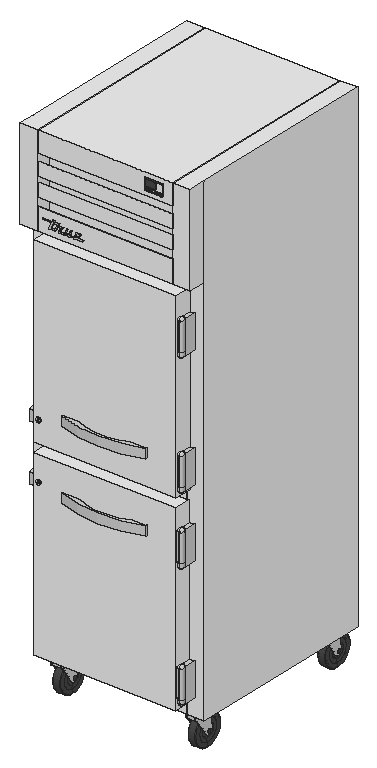
Revit family "QF_TRUE_STR1R-2HS-HC", category Specialty Equipment, Revit 2012 (continued)
Automatic sketch dimensions
  Extrusion 27 sketch curve to Extrusion 27 sketch curve = 0.60485"  (x2)
  Extrusion 28 sketch curve to plane 7 = 0.63926"  (x2)
  Extrusion 28 sketch curve to plane 5 "FRONT" = 3.79864"
  Extrusion 28 sketch curve to Extrusion 28 sketch curve = 1/4"  (x2)
  level to Extrusion 28 sketch curve = 2.18736"  (x2)
  Extrusion 28 sketch curve to Extrusion 28 sketch curve = 1.7492"
  Extrusion 28 sketch curve to Extrusion 28 sketch curve = 0.50669"  (x2)
  Extrusion 28 sketch curve to Extrusion 28 sketch curve = 2 1/2"
  level to Extrusion 28 sketch curve = 2.59003"
  Extrusion 28 sketch curve to Extrusion 28 sketch curve = 0.59966"  (x2)
  plane 1 "BACK" to Extrusion 28 sketch curve = 3.8577"
  plane 1 "BACK" to Extrusion 28 sketch curve = 1.8585"
  plane 1 "BACK" to Extrusion 28 sketch curve = 1.1077"
  Extrusion 28 sketch curve to Extrusion 28 sketch curve = 0.32905"
  Extrusion 28 sketch curve to Extrusion 28 sketch curve = 0.60485"  (x2)
  Revolve 29 sketch curve to plane 7 = 0.62954"
  Revolve 29 sketch curve to plane 4 "RIGHT" = 4.14082"
  Revolve 29 sketch curve to Revolve 29 sketch curve = 1.29707"
  Revolve 29 sketch curve to Revolve 29 sketch curve = 0"
  Revolve 29 sketch curve to Revolve 29 sketch curve = 0.10278"
  Revolve 29 sketch curve to plane 7 = 0.00141"
  plane 7 to Revolve 29 sketch curve = 0.26768"
  Revolve 30 sketch curve to level = 0"
  Revolve 30 sketch curve to plane 7 = 0"
  Revolve 30 sketch curve to plane 4 "RIGHT" = 4.17713"
  level to Revolve 30 sketch curve = 1"
  Revolve 30 sketch curve to plane 4 "RIGHT" = 3 19/32"
  Revolve 30 sketch curve to Revolve 30 sketch curve = 1/4"
  Revolve 30 sketch curve to Revolve 30 sketch curve = 1/2"
  Revolve 30 sketch curve to Revolve 30 sketch curve = 0"
  Revolve 30 sketch curve to Revolve 30 sketch curve = 5/8"
  plane 7 to Revolve 30 sketch curve = 1 25/32"
  Revolve 31 sketch curve to level = 0"
  Revolve 31 sketch curve to plane 7 = 0"
  Revolve 31 sketch curve to plane 4 "RIGHT" = 4.17713"
  level to Revolve 31 sketch curve = 1"
  Revolve 31 sketch curve to plane 4 "RIGHT" = 3 19/32"
  Revolve 31 sketch curve to Revolve 31 sketch curve = 1/4"
  Revolve 31 sketch curve to Revolve 31 sketch curve = 1/2"
  Revolve 31 sketch curve to Revolve 31 sketch curve = 0"
  Revolve 31 sketch curve to Revolve 31 sketch curve = 5/8"
  plane 7 to Revolve 31 sketch curve = 1 25/32"
  Revolve 32 sketch curve to plane 7 = 0.62954"
  Revolve 32 sketch curve to plane 4 "RIGHT" = 4.14082"
  Revolve 32 sketch curve to Revolve 32 sketch curve = 1.29707"
  Revolve 32 sketch curve to Revolve 32 sketch curve = 0"
  Revolve 32 sketch curve to Revolve 32 sketch curve = 0.10278"
  Revolve 32 sketch curve to plane 7 = 0.00141"
  plane 7 to Revolve 32 sketch curve = 0.26768"
  Extrusion 33 sketch curve to plane 7 = 0.63926"  (x2)
  Extrusion 33 sketch curve to plane 5 "FRONT" = 3.79864"
  Extrusion 33 sketch curve to Extrusion 33 sketch curve = 1/4"  (x2)
  Extrusion 33 sketch curve to Extrusion 33 sketch curve = 2 1/2"
  Extrusion 33 sketch curve to plane 7 = 0.93273"  (x2)
  Extrusion 33 sketch curve to Extrusion 33 sketch curve = 0.03603"
  plane 1 "BACK" to Extrusion 33 sketch curve = 3.8577"
  Extrusion 33 sketch curve to plane 7 = 1.24411"
  plane 1 "BACK" to Extrusion 33 sketch curve = 1.1077"
  Revolve 34 sketch curve to plane 4 "RIGHT" = 4.35148"
  Revolve 34 sketch curve to Revolve 34 sketch curve = 0.48273"
  Revolve 34 sketch curve to Revolve 34 sketch curve = 0.4"
  Revolve 34 sketch curve to Revolve 34 sketch curve = 0"  (x2)
  Revolve 34 sketch curve to Revolve 34 sketch curve = 0.1"  (x2)
  Revolve 34 sketch curve to Revolve 34 sketch curve = 0.16101"
  Revolve 34 sketch curve to Revolve 34 sketch curve = 0.75408"
  Revolve 34 sketch curve to Revolve 34 sketch curve = 0.92798"
  Revolve 34 sketch curve to Revolve 34 sketch curve = 0.06101"
  Revolve 34 sketch curve to Revolve 34 sketch curve = 1/2"
  Revolve 34 sketch curve to Revolve 34 sketch curve = 0.16509"
  Revolve 34 sketch curve to Revolve 34 sketch curve = 0.39592"
  level to Revolve 34 sketch curve = 2 1/2"
  Revolve 34 sketch curve to Revolve 34 sketch curve = 0.29941"  (x2)
  Revolve 34 sketch curve to Revolve 34 sketch curve = 3/4"  (x4)
  Revolve 34 sketch curve to Revolve 34 sketch curve = 0.59652"
  Revolve 34 sketch curve to Revolve 34 sketch curve = 0.60059"
  plane 3 "LEFT" to Revolve 35 sketch curve = 1.33602"
  Revolve 35 sketch curve to Revolve 35 sketch curve = 0.48273"
  Revolve 35 sketch curve to plane 8 = 5/8"  (x2)
  Revolve 35 sketch curve to Revolve 35 sketch curve = 0.1"  (x2)
  Revolve 35 sketch curve to Revolve 35 sketch curve = 0.16101"
  plane 8 to Revolve 35 sketch curve = 0.12908"
  plane 8 to Revolve 35 sketch curve = 0.46399"
  plane 8 to Revolve 35 sketch curve = 0.525"
  Revolve 35 sketch curve to Revolve 35 sketch curve = 1/2"
  Revolve 35 sketch curve to Revolve 35 sketch curve = 0.16509"
  Revolve 35 sketch curve to Revolve 35 sketch curve = 0.39592"
  level to Revolve 35 sketch curve = 2 1/2"
  Revolve 35 sketch curve to Revolve 35 sketch curve = 0"
  Revolve 35 sketch curve to Revolve 35 sketch curve = 0.29941"  (x2)
  Revolve 35 sketch curve to Revolve 35 sketch curve = 3/4"  (x4)
  Revolve 35 sketch curve to Revolve 35 sketch curve = 0.59652"
  Revolve 35 sketch curve to Revolve 35 sketch curve = 0.60059"
  Extrusion 36 sketch curve to plane 7 = 0.63926"  (x2)
  Extrusion 36 sketch curve to plane 5 "FRONT" = 3.79864"
  Extrusion 36 sketch curve to Extrusion 36 sketch curve = 1/4"  (x2)
  level to Extrusion 36 sketch curve = 2.18736"  (x2)
  Extrusion 36 sketch curve to Extrusion 36 sketch curve = 1.7492"
  Extrusion 36 sketch curve to Extrusion 36 sketch curve = 0.50669"  (x2)
  Extrusion 36 sketch curve to Extrusion 36 sketch curve = 2 1/2"
  level to Extrusion 36 sketch curve = 2.59003"
  Extrusion 36 sketch curve to Extrusion 36 sketch curve = 0.59966"  (x2)
  plane 1 "BACK" to Extrusion 36 sketch curve = 3.8577"
  plane 1 "BACK" to Extrusion 36 sketch curve = 1.8585"
  plane 1 "BACK" to Extrusion 36 sketch curve = 1.1077"
  Extrusion 36 sketch curve to Extrusion 36 sketch curve = 0.32905"
  Extrusion 36 sketch curve to Extrusion 36 sketch curve = 0.60485"  (x2)
  Extrusion 37 sketch curve to plane 7 = 0.63926"  (x2)
  Extrusion 37 sketch curve to plane 5 "FRONT" = 3.79864"
  Extrusion 37 sketch curve to Extrusion 37 sketch curve = 1/4"  (x2)
  level to Extrusion 37 sketch curve = 2.18736"  (x2)
  Extrusion 37 sketch curve to Extrusion 37 sketch curve = 1.7492"
  Extrusion 37 sketch curve to Extrusion 37 sketch curve = 0.50669"  (x2)
  Extrusion 37 sketch curve to Extrusion 37 sketch curve = 2 1/2"
  level to Extrusion 37 sketch curve = 2.59003"
  Extrusion 37 sketch curve to Extrusion 37 sketch curve = 0.59966"  (x2)
  plane 1 "BACK" to Extrusion 37 sketch curve = 3.8577"
  plane 1 "BACK" to Extrusion 37 sketch curve = 1.8585"
  plane 1 "BACK" to Extrusion 37 sketch curve = 1.1077"
  Extrusion 37 sketch curve to Extrusion 37 sketch curve = 0.32905"
  Extrusion 37 sketch curve to Extrusion 37 sketch curve = 0.60485"  (x2)
  Revolve 38 sketch curve to plane 8 = 0"  (x2)
  Revolve 38 sketch curve to plane 7 = 0.62954"
  Revolve 38 sketch curve to plane 8 = 1.29707"
  Revolve 38 sketch curve to Revolve 38 sketch curve = 0.10278"
  Revolve 38 sketch curve to plane 7 = 0.00141"
  plane 7 to Revolve 38 sketch curve = 0.26768"
  Revolve 39 sketch curve to level = 0"
  Revolve 39 sketch curve to plane 8 = 0"  (x2)
  Revolve 39 sketch curve to plane 8 = 1/2"
  Revolve 39 sketch curve to Revolve 39 sketch curve = 1/4"
  Revolve 39 sketch curve to plane 7 = 0"
  Revolve 39 sketch curve to plane 8 = 1.33338"
  level to Revolve 39 sketch curve = 1"
  Revolve 39 sketch curve to Revolve 39 sketch curve = 5/8"
  plane 7 to Revolve 39 sketch curve = 1 25/32"
  Revolve 40 sketch curve to level = 0"
  Revolve 40 sketch curve to plane 8 = 0"  (x2)
  Revolve 40 sketch curve to plane 8 = 1/2"
  Revolve 40 sketch curve to Revolve 40 sketch curve = 1/4"
  Revolve 40 sketch curve to plane 7 = 0"
  Revolve 40 sketch curve to plane 8 = 1.33338"
  level to Revolve 40 sketch curve = 1"
  Revolve 40 sketch curve to Revolve 40 sketch curve = 5/8"
  plane 7 to Revolve 40 sketch curve = 1 25/32"
  Revolve 41 sketch curve to plane 8 = 0"  (x2)
  Revolve 41 sketch curve to plane 7 = 0.62954"
  Revolve 41 sketch curve to plane 8 = 1.29707"
  Revolve 41 sketch curve to Revolve 41 sketch curve = 0.10278"
  Revolve 41 sketch curve to plane 7 = 0.00141"
  plane 7 to Revolve 41 sketch curve = 0.26768"
  Extrusion 42 sketch curve to plane 7 = 0.63926"  (x2)
  Extrusion 42 sketch curve to plane 5 "FRONT" = 3.79864"
  Extrusion 42 sketch curve to Extrusion 42 sketch curve = 1/4"  (x2)
  Extrusion 42 sketch curve to Extrusion 42 sketch curve = 2 1/2"
  Extrusion 42 sketch curve to plane 7 = 0.93273"  (x2)
  Extrusion 42 sketch curve to Extrusion 42 sketch curve = 0.03603"
  plane 1 "BACK" to Extrusion 42 sketch curve = 3.8577"
  Extrusion 42 sketch curve to plane 7 = 1.24411"
  plane 1 "BACK" to Extrusion 42 sketch curve = 1.1077"
  plane 3 "LEFT" to Revolve 43 sketch curve = 1.33602"
  Revolve 43 sketch curve to Revolve 43 sketch curve = 0.48273"
  Revolve 43 sketch curve to plane 8 = 5/8"  (x2)
  Revolve 43 sketch curve to Revolve 43 sketch curve = 0.1"  (x2)
  Revolve 43 sketch curve to Revolve 43 sketch curve = 0.16101"
  plane 8 to Revolve 43 sketch curve = 0.12908"
  plane 8 to Revolve 43 sketch curve = 0.46399"
  plane 8 to Revolve 43 sketch curve = 0.525"
  Revolve 43 sketch curve to Revolve 43 sketch curve = 1/2"
  Revolve 43 sketch curve to Revolve 43 sketch curve = 0.16509"
  Revolve 43 sketch curve to Revolve 43 sketch curve = 0.39592"
  level to Revolve 43 sketch curve = 2 1/2"
  Revolve 43 sketch curve to Revolve 43 sketch curve = 0"
  Revolve 43 sketch curve to Revolve 43 sketch curve = 0.29941"  (x2)
  Revolve 43 sketch curve to Revolve 43 sketch curve = 3/4"  (x4)
  Revolve 43 sketch curve to Revolve 43 sketch curve = 0.59652"
  Revolve 43 sketch curve to Revolve 43 sketch curve = 0.60059"
  plane 5 "FRONT" to Extrusion 44 sketch curve = 0"
  Extrusion 44 sketch curve to plane 8 = 21/32"
  Extrusion 44 sketch curve to plane 4 "RIGHT" = 2 11/32"
  Extrusion 45 sketch curve to plane 8 = 0"
  Extrusion 45 sketch curve to plane 5 "FRONT" = 5.09023"
  Extrusion 46 sketch curve to plane 8 = 0"
  plane 1 "BACK" to Extrusion 46 sketch curve = 2.69102"
  Extrusion 47 sketch curve to plane 4 "RIGHT" = 2 27/32"
  plane 1 "BACK" to Extrusion 47 sketch curve = 2.69102"
  Extrusion 48 sketch curve to plane 4 "RIGHT" = 2 27/32"
  Extrusion 48 sketch curve to plane 5 "FRONT" = 5.09023"
  plane 8 to Extrusion 49 sketch curve = 0.1984"
  plane 8 to Extrusion 49 sketch curve = 7/32"
  Extrusion 49 sketch curve to Extrusion 49 sketch curve = 0.0555"
  plane 7 to Extrusion 49 sketch curve = 26.91365"
  Extrusion 49 sketch curve to Extrusion 49 sketch curve = 0.27385"
  Extrusion 49 sketch curve to Extrusion 49 sketch curve = 0.29355"
  Blend 50 sketch curve to plane 8 = 9/16"  (x2)
  Blend 50 sketch curve to Blend 50 sketch curve = 3/4"
  plane 7 to Blend 50 sketch curve = 28.00831"
  Blend 50 sketch curve to Blend 50 sketch curve = 1 3/4"
  Blend 50 sketch curve to Blend 50 sketch curve = 0.93223"
  plane 7 to Blend 50 sketch curve = 28.6059"
  Blend 50 sketch curve to Blend 50 sketch curve = 2.78233"
  plane 5 "FRONT" to Extrusion 51 sketch curve = 0"  (x2)
  plane 8 to Extrusion 51 sketch curve = 4.05938"
  Extrusion 51 sketch curve to Extrusion 51 sketch curve = 2.4"  (x2)
  plane 8 to Extrusion 51 sketch curve = 10 55/64"
  Extrusion 51 sketch curve to Extrusion 51 sketch curve = 0"
  Extrusion 51 sketch curve to Extrusion 51 sketch curve = 0.2"
  Extrusion 51 sketch curve to plane 5 "FRONT" = 8.82039"
  Extrusion 51 sketch curve to Extrusion 51 sketch curve = 8.56786"
  plane 5 "FRONT" to Extrusion 52 sketch curve = 0"
  Extrusion 52 sketch curve to plane 8 = 21/32"
  Extrusion 52 sketch curve to plane 4 "RIGHT" = 2 11/32"
  plane 5 "FRONT" to Extrusion 7 sketch curve = 0"  (x2)
  plane 8 to Extrusion 7 sketch curve = 4.05938"
  Extrusion 7 sketch curve to Extrusion 7 sketch curve = 2.4"  (x2)
  Extrusion 7 sketch curve to Extrusion 7 sketch curve = 4.4"
  Extrusion 7 sketch curve to Extrusion 7 sketch curve = 0"
  Extrusion 7 sketch curve to Extrusion 7 sketch curve = 0.2"
  Extrusion 7 sketch curve to plane 5 "FRONT" = 8.82039"
  Extrusion 7 sketch curve to Extrusion 7 sketch curve = 8.56786"
  plane 1 "BACK" to curve 1 = 0"
  curve 1 to plane 3 "LEFT" = 0"
  plane 5 "FRONT" to curve 27 = 0"
  curve 4 to plane 4 "RIGHT" = 0"
  plane 3 "LEFT" to curve 11 = 1.20097"
  plane 3 "LEFT" to curve 8 = 1.20097"
  curve 27 to plane 8 = 21/32"
  curve 12 to plane 8 = 11/32"
  curve 9 to plane 8 = 11/32"
  plane 1 "BACK" to curve 10 = 0.4208"
  plane 8 to curve 10 = 0.98222"
  plane 8 to curve 7 = 0.98222"
  plane 8 to curve 26 = 2.42098"
  plane 8 to curve 24 = 4.05938"
  curve 24 to curve 22 = 2.4"
  plane 8 to curve 23 = 10 55/64"
  curve 22 to curve 23 = 0"
  curve 22 to curve 25 = 2.4"
  curve 15 to plane 4 "RIGHT" = 5.39157"
  curve 25 to curve 20 = 1.69906"
  curve 15 to curve 16 = 1.29904"
  curve 19 to curve 21 = 1.29904"
  plane 1 "BACK" to curve 15 = 0.4208"
  curve 15 to plane 4 "RIGHT" = 2.76657"
  curve 19 to plane 4 "RIGHT" = 2.67282"
  curve 26 to plane 4 "RIGHT" = 2 11/32"
  curve 27 to curve 26 = 0"
  curve 23 to curve 25 = 0.2"
  curve 5 to plane 5 "FRONT" = 2 1/4"
  curve 21 to plane 5 "FRONT" = 3.92849"
  curve 5 to curve 8 = 1.78257"
  curve 20 to curve 20 = 3/4"
  curve 8 to curve 8 = 3/4"
  curve 6 to curve 22 = 0.24118"
  curve 22 to curve 23 = 8.56786"
  curve 17 to curve 14 = 5.29663"
  curve 13 to curve 10 = 5.29663"
  radius of Extrusion 8 sketch curve = 0.35"
  radius of Extrusion 12 sketch curve = 1/4"
  radius of Extrusion 45 sketch curve = 1 1/2"
  radius of Extrusion 46 sketch curve = 1 1/2"
  radius of Extrusion 47 sketch curve = 1 1/2"
  radius of Extrusion 48 sketch curve = 1 1/2"
  radius of Extrusion 49 sketch curve = 0.35"
Connectors (in)
  electrical at (24.25, -0.0625, 82), driven by "Volts", driven by "Watts"
    settings: on Extrusion 12, index 1, voltage 115 V, apparent load 437 VA, apparent load phase1 0 VA, apparent load phase2 0 VA, apparent load phase3 0 VA, power factor 1, load classification "Other", number of poles 1, system type 30, power factor state 1, is connector primary yes, connector utility no, sub classification motor no, connector description "ELECTRICAL CONNECTION"
